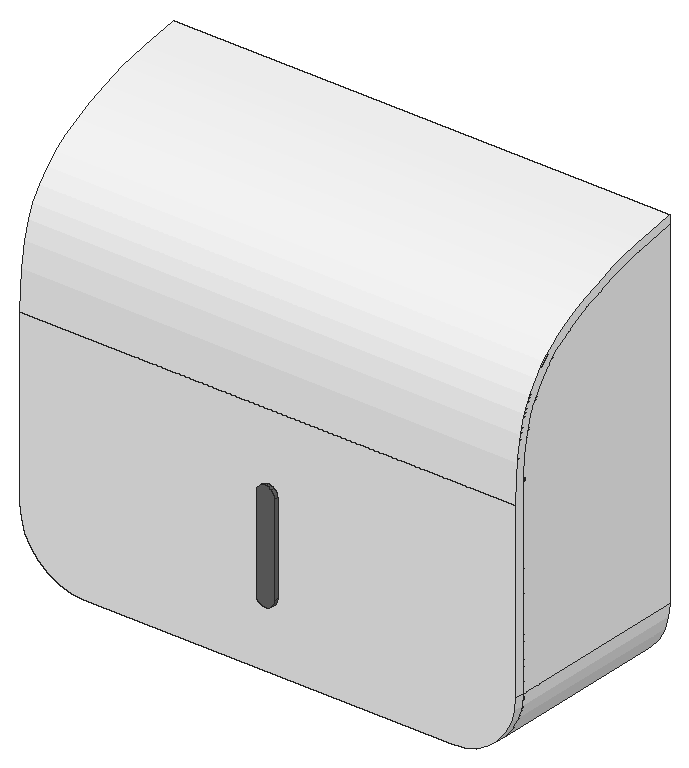
Revit family "Plaza Multi-fold Paper Towel Dispenser", category Generic Models, Revit 2017
Family settings
  Can host rebar = No
  Round Connector Dimension = Use Diameter
  Part Type = Normal
  Work Plane-Based = No
  Always vertical = Yes
  Cut with Voids When Loaded = No
  Shared = No
  Room Calculation Point = No
Parameters
  Website = "https://dolphy.in/"  # constant formula
  Contact number = "+91 9520202035"  # constant formula
  Contact email = "info@dolphy.in"  # constant formula
  Company name = "Dolphy India"  # constant formula
Reference planes
  plane 1 "Center (Front/Back)": y = 0
  plane 2: z = 0
  plane 3 "Center (Left/Right)": x = 0
Forms (mm)
  Extrusion 1, solid, material "BLACK1"
    sketch origin (0, 0, -70) x (1, 0, 0) y (0, 0, 1)
      loop
        line (-5, 157.46) -> (-5, 107.46)
        arc (-5, 107.46) -> (0, 102.46) -> (5, 107.46) r 5
        line (5, 107.46) -> (5, 157.46)
        arc (5, 157.46) -> (0, 162.46) -> (-5, 157.46) r 5
    from 105 to 106.757
  Extrusion 2, solid, material "WHITE1"
    sketch origin (-125, 0, -198.076) x (0, 1, 0) y (0, 0, 1)
      loop
        line (-100, 327.415) -> (-100, 198.076) -> (0, 198.076) -> (0, 419.278)
        spline (0, 419.278) -> (-22.044, 414.862) -> (-37.667, 410.638) -> (-50.079, 406.197) -> (-60.82, 401.428) -> (-69.993, 396.486) -> (-77.596, 391.388) -> (-83.907, 385.627) -> (-89.282, 378.706) -> (-93.46, 371.189) -> (-96.466, 362.489) -> (-98.878, 349.518) -> (-100, 327.415)
    from -11 to 261
  Extrusion 3, solid, material "WHITE1"
    sketch origin (-125, 0, -198.076) x (0, 1, 0) y (0, 0, 1)
      loop
        spline (0, 424.275) -> (-22.439, 419.866) -> (-38.529, 415.578) -> (-51.381, 411.034) -> (-62.536, 406.129) -> (-72.127, 401.007) -> (-80.287, 395.576) -> (-87.277, 389.238) -> (-93.204, 381.671) -> (-97.804, 373.458) -> (-101.147, 363.91) -> (-103.752, 350.233) -> (-105, 327.415)
        line (-105, 327.415) -> (-105, 198.076) -> (-100, 198.076) -> (-100, 327.415)
        spline (-100, 327.415) -> (-98.878, 349.518) -> (-96.466, 362.489) -> (-93.46, 371.189) -> (-89.282, 378.706) -> (-83.907, 385.627) -> (-77.596, 391.388) -> (-69.993, 396.486) -> (-60.82, 401.428) -> (-50.079, 406.197) -> (-37.667, 410.638) -> (-22.044, 414.862) -> (0, 419.278)
        line (0, 419.278) -> (0, 424.275)
    from -11 to 261
  Extrusion 4, void
    sketch origin (0, 0, 0) x (1, 0, 0) y (0, 0, 1)
      loop
        line (-136, 35.076) -> (-150.924, 35.076) -> (-150.924, -15) -> (-100.924, -15) -> (-100.924, 0)
        arc (-100.924, 0) -> (-125.726, 10.274) -> (-136, 35.076) r 35.076
    from -40.125 to 250
  Extrusion 5, void
    sketch origin (0, 0, 0) x (-1, 0, 0) y (0, 0, -1)
      loop
        arc (-136, -35.076) -> (-125.726, -10.274) -> (-100.924, 0) r 35.076
        line (-100.924, 0) -> (-100.924, 15) -> (-150.924, 15) -> (-150.924, -35.076) -> (-136, -35.076)
    from -40.125 to 250
Cuts and joins
  Extrusion 4, Extrusion 5 cuts Extrusion 2
  Extrusion 4, Extrusion 5 cuts Extrusion 3
Dimensions and locks
  aligned and locked: level to plane 2
